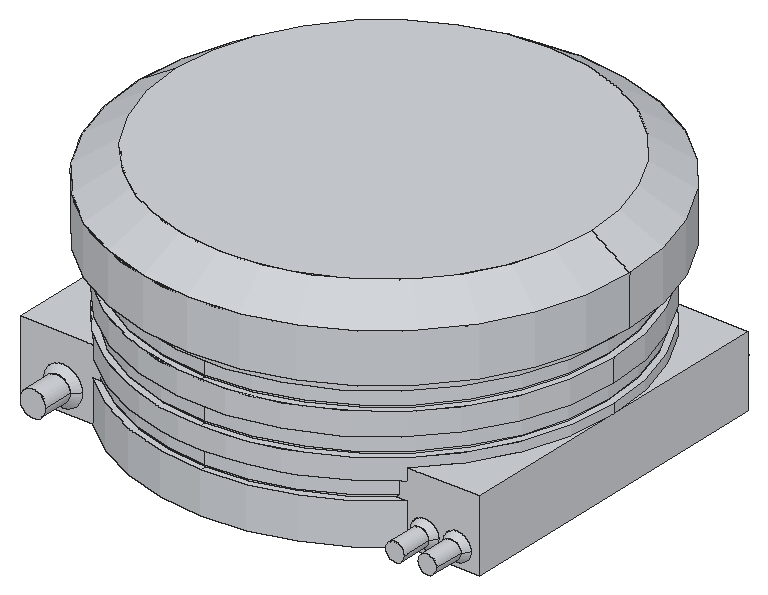
Revit family "110104-00034 Камера оптическая трубопроводная КОТ-2-ССД", category Обобщенные модели, Revit 2019
Family settings
  Может служить основой для арматурных стержней = Нет
  Размер круглого соединителя = Использовать диаметр
  Тип детали = Нормальный
  На основе рабочей плоскости = Нет
  Всегда вертикально = Да
  При загрузке вырезать с полостями = Нет
  Общий = Нет
  Точка расчета площади = Нет
Parameters (values of type "Камера оптическая трубопроводная КОТ-2-ССД")
  ADSK_Материал = "Полиэтилен среднего давления"
  ADSK_Масса = "33"
  ADSK_Ширина2 = 730 mm
  ADSK_Ширина = 1070 mm
  ADSK_Ссылка на сайт = "https://www.ssd.ru/kamera-opticheskaya-truboprovodnaya-kot-2-ssd-new"
  ADSK_Наименование = "Камера оптическая трубопроводная КОТ-2-ССД"
  ADSK_Марка = "Камеры оптические трубопроводные"
  ADSK_Код изделия = "110104-00034"
  ADSK_Изготовитель = "АО \"СВЯЗЬСТРОЙДЕТАЛЬ\""
  ADSK_Длина2 = 1000 mm
  ADSK_Длина = 1070 mm
  ADSK_Высота = 495 mm
  ADSK_Cертификат соответствия = "https://www.ssd.ru/upload/iblock/135/dg0dveb2bt5742u03x0awkefi1rhom8y/ssoot_1302705.pdf"
Reference planes
  plane 1 "По центру (Вперед/Назад)": y = 0
  plane 2: z = 0
  plane 3 "По центру (Влево/Вправо)": x = 0
  plane 4: x = -535
  plane 5: x = 535
  plane 6: y = 535
  plane 7: y = -535
  plane 8: z = 495
  plane 9: y = 365
  plane 10: x = -500
  plane 11: y = -365
  plane 12: x = 500
  plane 13: z = 335
  plane 14: z = 155
Forms (mm)
  Extrusion 1, solid
    sketch origin (0, 0, 0) x (1, 0, 0) y (0, 1, 0)
      loop
        line (-500, 365) -> (-500, -365) -> (500, -365) -> (500, 365) -> (-500, 365)
    from 0 to 155
  Extrusion 2, solid
    sketch origin (0, 0, 0) x (1, 0, 0) y (0, 1, 0)
      loop
        circle (0, 0) r 500
    from 0 to 335
  Extrusion 3, void
    sketch origin (0, 0, 0) x (1, 0, 0) y (0, 1, 0)
      loop
        circle (0, 0) r 476.474
    from 14.243 to 335
  Blend 4, solid
    base sketch origin (-85, 240, 0) x (-1, 0, 0) y (0, 0, 1)
      loop
        circle (365, 39.626) r 30
    top sketch origin (-85, 240, 0) x (-1, 0, 0) y (0, 0, 1)
      loop
        circle (365, 39.626) r 20
    from 125 to 140
  Extrusion 5, solid
    sketch origin (0, 0, 0) x (1, 0, 0) y (0, 0, 1)
      loop
        circle (-450, 39.626) r 20
    from -445.276 to -380
  Blend 6, solid
    base sketch origin (-15, 240, 0) x (-1, 0, 0) y (0, 0, 1)
      loop
        circle (365, 39.626) r 30
    top sketch origin (-15, 240, 0) x (-1, 0, 0) y (0, 0, 1)
      loop
        circle (365, 39.626) r 20
    from 125 to 140
  Extrusion 7, solid
    sketch origin (70, 0, 0) x (1, 0, 0) y (0, 0, 1)
      loop
        circle (-450, 39.626) r 20
    from -445.276 to -380
  Blend 8, solid
    base sketch origin (0, 0, 0) x (1, 0, 0) y (0, 0, 1)
      loop
        circle (408.098, 51.743) r 42.5
    top sketch origin (0, 0, 0) x (1, 0, 0) y (0, 0, 1)
      loop
        circle (408.098, 51.743) r 28
    from -365 to -380
  Extrusion 9, solid
    sketch origin (0, 0, 0) x (1, 0, 0) y (0, 0, 1)
      loop
        circle (408.098, 51.743) r 28
    from -445 to -380
  Blend 10, solid
    base sketch origin (0, 0, 0) x (-1, 0, 0) y (0, 0, 1)
      loop
        circle (408.098, 51.743) r 42.5
    top sketch origin (0, 0, 0) x (-1, 0, 0) y (0, 0, 1)
      loop
        circle (408.098, 51.743) r 28
    from -365 to -380
  Extrusion 11, solid
    sketch origin (0, 0, 0) x (-1, 0, 0) y (0, 0, 1)
      loop
        circle (408.098, 51.743) r 28
    from -445 to -380
  Blend 12, solid
    base sketch origin (85, -240, 0) x (1, 0, 0) y (0, 0, 1)
      loop
        circle (365, 39.626) r 30
    top sketch origin (85, -240, 0) x (1, 0, 0) y (0, 0, 1)
      loop
        circle (365, 39.626) r 20
    from 125 to 140
  Extrusion 13, solid
    sketch origin (0, 0, 0) x (-1, 0, 0) y (0, 0, 1)
      loop
        circle (-450, 39.626) r 20
    from -445.276 to -380
  Blend 14, solid
    base sketch origin (15, -240, 0) x (1, 0, 0) y (0, 0, 1)
      loop
        circle (365, 39.626) r 30
    top sketch origin (15, -240, 0) x (1, 0, 0) y (0, 0, 1)
      loop
        circle (365, 39.626) r 20
    from 125 to 140
  Extrusion 15, solid
    sketch origin (-70, 0, 0) x (-1, 0, 0) y (0, 0, 1)
      loop
        circle (-450, 39.626) r 20
    from -445.276 to -380
  Blend 16, solid
    base sketch origin (0, 0, 0) x (1, 0, 0) y (0, 1, 0)
      loop
        circle (0, 0) r 535
    top sketch origin (0, 0, 0) x (1, 0, 0) y (0, 1, 0)
      loop
        circle (0, 0) r 451
    from 442 to 495
  Extrusion 17, solid
    sketch origin (0, 0, 0) x (1, 0, 0) y (0, 1, 0)
      loop
        circle (0, 0) r 535
    from 335 to 442
  Revolve 18, void
    sketch origin (0, 0, -60) x (0, 1, 0) y (0, 0, 1)
      loop
        line (485, 155) -> (485, 150) -> (500, 150) -> (500, 190) -> (485, 190) -> (485, 185) -> (488.089, 185) -> (488.089, 155) -> (485, 155)
      axis (0, 190) -> (0, 150)
    angle from 0 to 360
  Revolve 19, void
    sketch origin (0, 0, 25) x (0, 1, 0) y (0, 0, 1)
      loop
        line (485, 155) -> (485, 150) -> (500, 150) -> (500, 190) -> (485, 190) -> (485, 185) -> (488.089, 185) -> (488.089, 155) -> (485, 155)
      axis (0, 190) -> (0, 150)
    angle from 0 to 360
  Revolve 20, void
    sketch origin (0, 0, 115) x (0, 1, 0) y (0, 0, 1)
      loop
        line (485, 155) -> (485, 150) -> (500, 150) -> (500, 190) -> (485, 190) -> (485, 185) -> (488.089, 185) -> (488.089, 155) -> (485, 155)
      axis (0, 190) -> (0, 150)
    angle from 0 to 360
Cuts and joins
  Extrusion 3, Revolve 19, Revolve 20 cuts Extrusion 1
  Extrusion 3, Revolve 18, Revolve 19, Revolve 20 cuts Extrusion 2
  joined: Extrusion 1, Extrusion 2
Dimensions and locks
  "ADSK_Высота": plane 8 to level
  "ADSK_Длина": plane 4 to plane 5
  equal spacing: plane 4, plane 3 "По центру (Влево/Вправо)", plane 5
  "ADSK_Ширина": plane 6 to plane 7
  equal spacing: plane 6, plane 1 "По центру (Вперед/Назад)", plane 7
  "ADSK_Ширина2": plane 9 to plane 11
  equal spacing: plane 9, plane 1 "По центру (Вперед/Назад)", plane 11
  "ADSK_Длина2": plane 10 to plane 12
  equal spacing: plane 10, plane 3 "По центру (Влево/Вправо)", plane 12
  locked: plane 8 to plane 13 at 160
  aligned and locked: level to plane 2
  aligned and locked: Extrusion 1 to level
  aligned and locked: plane 11 to Extrusion 1
  aligned and locked: plane 9 to Extrusion 1
  aligned and locked: plane 14 to Extrusion 1
  aligned and locked: plane 13 to Extrusion 2
  aligned and locked: Extrusion 2 to level
  aligned and locked: plane 8 to Blend 16
  aligned and locked: Blend 16 to Extrusion 17
  aligned and locked: Extrusion 17 to plane 13
Automatic sketch dimensions
  Extrusion 1 sketch curve to plane 10 = 0 mm
  plane 11 to Extrusion 1 sketch curve = 0 mm
  Extrusion 1 sketch curve to plane 12 = 0 mm
  Extrusion 1 sketch curve to plane 9 = 0 mm
  plane 1 "По центру (Вперед/Назад)" to Extrusion 2 sketch curve = 0 mm
  Extrusion 2 sketch curve to plane 3 "По центру (Влево/Вправо)" = 0 mm
  plane 1 "По центру (Вперед/Назад)" to Extrusion 3 sketch curve = 0 mm
  Extrusion 3 sketch curve to plane 3 "По центру (Влево/Вправо)" = 0 mm
  plane 10 to Blend 4 sketch curve = 50 mm  (x2)
  level to Blend 4 sketch curve = 39.626 mm  (x2)
  plane 10 to Extrusion 5 sketch curve = 50 mm
  level to Extrusion 5 sketch curve = 39.626 mm
  level to Blend 6 sketch curve = 39.626 mm  (x2)
  plane 10 to Blend 6 sketch curve = 120 mm  (x2)
  level to Extrusion 7 sketch curve = 39.626 mm
  plane 10 to Extrusion 7 sketch curve = 120 mm
  plane 12 to Blend 8 sketch curve = 91.902 mm  (x2)
  level to Blend 8 sketch curve = 51.743 mm  (x2)
  plane 12 to Extrusion 9 sketch curve = 91.902 mm
  level to Extrusion 9 sketch curve = 51.743 mm
  plane 10 to Blend 10 sketch curve = 91.902 mm  (x2)
  level to Blend 10 sketch curve = 51.743 mm  (x2)
  plane 10 to Extrusion 11 sketch curve = 91.902 mm
  level to Extrusion 11 sketch curve = 51.743 mm
  plane 12 to Blend 12 sketch curve = 50 mm  (x2)
  level to Blend 12 sketch curve = 39.626 mm  (x2)
  plane 12 to Extrusion 13 sketch curve = 50 mm
  level to Extrusion 13 sketch curve = 39.626 mm
  level to Blend 14 sketch curve = 39.626 mm  (x2)
  plane 12 to Blend 14 sketch curve = 120 mm  (x2)
  level to Extrusion 15 sketch curve = 39.626 mm
  plane 12 to Extrusion 15 sketch curve = 120 mm
  plane 1 "По центру (Вперед/Назад)" to Blend 16 sketch curve = 0 mm  (x2)
  Blend 16 sketch curve to plane 3 "По центру (Влево/Вправо)" = 0 mm  (x2)
  plane 1 "По центру (Вперед/Назад)" to Extrusion 17 sketch curve = 0 mm
  Extrusion 17 sketch curve to plane 3 "По центру (Влево/Вправо)" = 0 mm
  Revolve 18 sketch curve to plane 1 "По центру (Вперед/Назад)" = 0 mm
  Revolve 18 sketch curve to plane 6 = 50 mm
  Revolve 18 sketch curve to plane 14 = 25 mm
  Revolve 18 sketch curve to Revolve 18 sketch curve = 0 mm
  Revolve 18 sketch curve to Revolve 18 sketch curve = 3.089 mm
  Revolve 18 sketch curve to Revolve 18 sketch curve = 11.911 mm
  Revolve 18 sketch curve to Revolve 18 sketch curve = 5 mm  (x2)
  Revolve 18 sketch curve to Revolve 18 sketch curve = 30 mm
  level to Revolve 18 sketch curve = 5 mm
  plane 14 to Revolve 18 sketch curve = 30 mm
  Revolve 19 sketch curve to plane 1 "По центру (Вперед/Назад)" = 0 mm
  Revolve 19 sketch curve to plane 6 = 50 mm
  Revolve 19 sketch curve to Revolve 19 sketch curve = 0 mm
  Revolve 19 sketch curve to Revolve 19 sketch curve = 3.089 mm
  Revolve 19 sketch curve to Revolve 19 sketch curve = 11.911 mm
  plane 14 to Revolve 19 sketch curve = 20 mm
  Revolve 19 sketch curve to Revolve 19 sketch curve = 5 mm  (x2)
  Revolve 19 sketch curve to Revolve 19 sketch curve = 30 mm
  Revolve 19 sketch curve to plane 14 = 65 mm
  Revolve 19 sketch curve to plane 13 = 65 mm
  Revolve 20 sketch curve to plane 1 "По центру (Вперед/Назад)" = 0 mm
  Revolve 20 sketch curve to plane 6 = 50 mm
  Revolve 20 sketch curve to Revolve 20 sketch curve = 0 mm
  Revolve 20 sketch curve to Revolve 20 sketch curve = 3.089 mm
  Revolve 20 sketch curve to Revolve 20 sketch curve = 11.911 mm
  Revolve 20 sketch curve to plane 13 = 70 mm
  Revolve 20 sketch curve to Revolve 20 sketch curve = 5 mm  (x2)
  Revolve 20 sketch curve to Revolve 20 sketch curve = 30 mm
  plane 14 to Revolve 20 sketch curve = 25 mm
  plane 13 to Revolve 20 sketch curve = 25 mm
  radius of Extrusion 2 sketch curve = 500 mm
  radius of Extrusion 3 sketch curve = 476.474 mm
  radius of Blend 4 sketch curve = 30 mm
  radius of Blend 4 sketch curve = 20 mm
  radius of Extrusion 5 sketch curve = 20 mm
  radius of Blend 6 sketch curve = 30 mm
  radius of Blend 6 sketch curve = 20 mm
  radius of Extrusion 7 sketch curve = 20 mm
  radius of Blend 8 sketch curve = 42.5 mm
  radius of Blend 8 sketch curve = 28 mm
  radius of Extrusion 9 sketch curve = 28 mm
  radius of Blend 10 sketch curve = 42.5 mm
  radius of Blend 10 sketch curve = 28 mm
  radius of Extrusion 11 sketch curve = 28 mm
  radius of Blend 12 sketch curve = 30 mm
  radius of Blend 12 sketch curve = 20 mm
  radius of Extrusion 13 sketch curve = 20 mm
  radius of Blend 14 sketch curve = 30 mm
  radius of Blend 14 sketch curve = 20 mm
  radius of Extrusion 15 sketch curve = 20 mm
  radius of Blend 16 sketch curve = 535 mm
  radius of Blend 16 sketch curve = 451 mm
  radius of Extrusion 17 sketch curve = 535 mm
